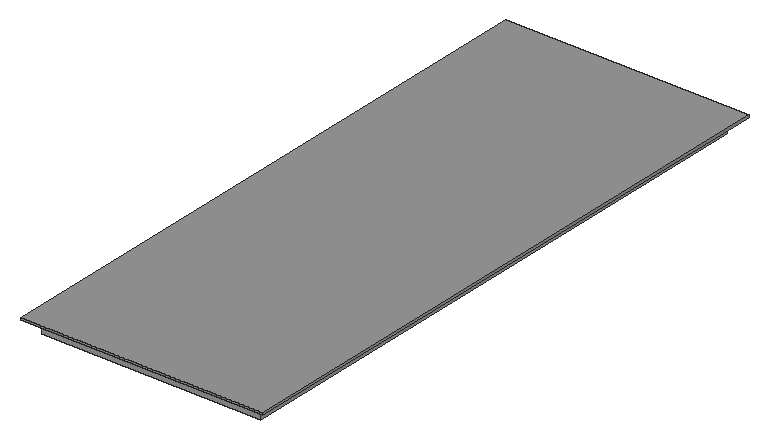
Revit family "UNB_Specchio_Multiproduct_BIM_IT_T3258;T3259;T3278;T3335;T3336;T3337;T3338_NEW", category Plumbing Fixtures, host Face, Revit 2017
Family settings
  Host = Face
  Round Connector Dimension = Use Diameter
  Part Type = Normal
  Cut with Voids When Loaded = No
  Shared = No
  Room Calculation Point = No
Parameters (values of type "T3258 - 400 x 1000 mirror")
  VersioneClassificazioneUni2015 = "IfcFurnitureType"
  Versione = "1"
  ValoreDellaSuperficie = "n/a"
  UnitàVolume = "litro"
  UnitàSuperficie = "millimetro"
  UnitàMonetaria = "€"
  UnitàLineare = "millimetro"
  UnitàDurataGaranzia = "anno"
  UnitàDurata = "anno"
  URL = "http://www.idealstandard.it"
  TipologiaVaso = "Altro"
  TipoEspotazioneIfc = "IfcFurnitureType"
  TipoDiDato = "Fisso"
  Telefono = "800 652 290"
  Spazio = "interno"
  Sostenibilità = "n/a"
  RiferimentoClassificazioneUni2015 = "MIRRORS"
  Riferimento = "T3258"
  Revisione = "1"
  ProfonditàNominale = 26 mm
  Produttore = "info@idealstandard.it"
  PesoNetto = "6.03 Kg"
  PesoLordo = "n/a"
  PartiDiRicambio = "http://www.idealstandard.it"
  NumeroDiModello = "T3258BH"
  NomeOggettoBim = "ISI_IdealStandard_Specchio_T3258"
  Nome = "ISI_IdealStandard_Specchio_T3258"
  ModelloDiRiferimento = "SPECCHIO MID AMBIENT 40X100 52,7W 230W"
  Model = "T3258BH"
  Materiale = "bicchiere"
  Manufacturer = "info@idealstandard.it"
  LunghezzaNominale = 26 mm
  LarghezzaNominale = 400 mm
  InstruzioniInstallazione = "http://www.idealstandard.it"
  InformazioniGaranzia = "info@idealstandard.it"
  InformazioniDiProdotto = "http://www.idealstandard.it"
  InformaziniGaranzia = "info@idealstandard.it"
  IfcEsportaCome = "BATHROOM FURNITURE"
  Grado = "n/a"
  GaranziaInstallazione = "n/a"
  Garanzia = "garanzia del produttore"
  Forma = "rettangolare"
  Finitura = "specchio"
  DurataGaranziaProdotti = "n/a"
  DurataGaranziaLegale = "n/a"
  DurataGaranzia = "n/a"
  DistribuitoDa = "n/a"
  Dimensione = ""
  DescrizioneClassifcazioneUni2015 = "Bathroom furniture"
  Description = "SPECCHIO MID AMBIENT 40X100 52,7W 230W"
  Default Elevation = 1500 mm
  Creato = "Ideal Standard"
  CostoDiSostituzione = 0
  Cost = 0
  Connessione = "piombatura"
  Componenti = "n/a"
  Colore = "specchio"
  CodiceRiferimento = "n/a"
  CodiceDiPrestazione = "EN"
  CodiceArticolo = "n/a"
  CodiceABarre = "8014140447047"
  CicloDiVitaDelProdotto = "n/a"
  Caratteristiche = "SPECCHIO MID AMBIENT 40X100 52,7W 230W"
  Brand = "Ideal Standard"
  Autore = "Ideal Standard"
  AltezzaNominale = 1000 mm
  Aiuto = "info@idealstandard.it"
  Accessori = "http://www.idealstandard.it"
  Accesso = "n/a"
Types (7, lengths in mm): name | Riferimento | PesoNetto | NumeroDiModello | NomeOggettoBim | Nome | ModelloDiRiferimento | Model | LarghezzaNominale | Description | CodiceABarre | Caratteristiche | AltezzaNominale
  T3258 - 400 x 1000 mirror | "T3258" | "6.03 Kg" | "T3258BH" | "ISI_IdealStandard_Specchio_T3258" | "ISI_IdealStandard_Specchio_T3258" | "SPECCHIO MID AMBIENT 40X100 52,7W 230W" | "T3258BH" | 400 | "SPECCHIO MID AMBIENT 40X100 52,7W 230W" | "8014140447047" | "SPECCHIO MID AMBIENT 40X100 52,7W 230W" | 1000
  T3259 - 500 x 700 mirror | "T3259" | "4.95 Kg" | "T3259BH" | "ISI_IdealStandard_Specchio_T3259" | "ISI_IdealStandard_Specchio_T3259" | "SPECCHIO MID AMBIENT 50X70 27,8W 230W" | "T3259BH" | 500 | "SPECCHIO MID AMBIENT 50X70 27,8W 230W" | "8014140447054" | "SPECCHIO MID AMBIENT 50X70 27,8W 230W" | 700
  T3278 - 600 x 700 mirror | "T3278" | "5.67 Kg" | "T3278BH" | "ISI_IdealStandard_Specchio_T3278" | "ISI_IdealStandard_Specchio_T3278" | "SPECCHIO MID AMBIENT 60X70 28,7W 230W" | "T3278BH" | 600 | "SPECCHIO MID AMBIENT 60X70 28,7W 230W" | "8014140447269" | "SPECCHIO MID AMBIENT 60X70 28,7W 230W" | 700
  T3335 - 700 x 700 mirror | "T3335" | "6.66 Kg" | "T3335BH" | "ISI_IdealStandard_Specchio_T3335" | "ISI_IdealStandard_Specchio_T3335" | "SPECCHIO MID AMBIENT 70X70 29,7W 230W" | "T3335BH" | 700 | "SPECCHIO MID AMBIENT 70X70 29,7W 230W" | "8014140447276" | "SPECCHIO MID AMBIENT 70X70 29,7W 230W" | 700
  T3336 - 800 x 700 mirror | "T3336" | "7.02 Kg" | "T3336BH" | "ISI_IdealStandard_Specchio_T3336" | "ISI_IdealStandard_Specchio_T3336" | "SPECCHIO MID AMBIENT 80X70 30,6W 230W" | "T3336BH" | 800 | "SPECCHIO MID AMBIENT 80X70 30,6W 230W" | "8014140447283" | "SPECCHIO MID AMBIENT 80X70 30,6W 230W" | 700
  T3337 - 1000 x 700 mirror | "T3337" | "8.64 Kg" | "T3337BH" | "ISI_IdealStandard_Specchio_T3337" | "ISI_IdealStandard_Specchio_T3337" | "SPECCHIO MID AMBIENT 100X70 54,6W 230W" | "T3337BH" | 1000 | "SPECCHIO MID AMBIENT 100X70 54,6W 230W" | "8014140447290" | "SPECCHIO MID AMBIENT 100X70 54,6W 230W" | 700
  T3338 - 1200 x 700 mirror | "T3338" | "10.04 Kg" | "T3338BH" | "ISI_IdealStandard_Specchio_T3338" | "ISI_IdealStandard_Specchio_T3338" | "SPECCHIO MID AMBIENT 120X70 56,5W 230W" | "T3338BH" | 1200 | "SPECCHIO MID AMBIENT 120X70 56,5W 230W" | "8014140447306" | "SPECCHIO MID AMBIENT 120X70 56,5W 230W" | 700
Reference planes
  plane 1 "Center (Front/Back)": y = 0
  plane 2: z = 0
  plane 3 "Center (Left/Right)": x = 0
  plane 4: x = -200
  plane 5: x = 200
  plane 6: y = 350
  plane 7: y = -650
  plane 8: y = 330
  plane 9: y = -630
  plane 10: x = -180
  plane 11: x = 180
  plane 12: z = 26
  plane 13: z = 22
Forms (mm)
  Extrusion 1, solid, material "Default"
    sketch origin (0, 20.991, -18) x (0, 1, 0) y (-1, 0, 0)
      loop
        line (309.009, 180) -> (-650.991, 180) -> (-650.991, -180) -> (309.009, -180) -> (309.009, 180)
    from 18 to 40
  Extrusion 2, solid, material "ISI_IdealStandard_Mirror_MirrorGlazing_Render"
    sketch origin (-1524, -4572, 22) x (-1, 0, 0) y (0, -1, 0)
      loop
        line (-1324, -4922) -> (-1324, -3922) -> (-1724, -3922) -> (-1724, -4922) -> (-1324, -4922)
    from 0 to 4
Dimensions and locks
  equal spacing: plane 4, plane 3 "Center (Left/Right)", plane 5
  "LarghezzaNominale": plane 4 to plane 5
  plane 6 to plane 1 "Center (Front/Back)" to plane 7 = 350 mm, 650 mm
  "AltezzaNominale": plane 6 to plane 7
  locked: plane 4 to plane 10 at 20
  locked: plane 11 to plane 5 at 20
  locked: plane 6 to plane 8 at 20
  locked: plane 9 to plane 7 at 20
  locked: plane 12 to plane 13 at 4
  "ProfonditàNominale": plane 12 to host face
  aligned and locked: plane 2 to host face
  aligned and locked: level to host face
  aligned and locked: Extrusion 1 sketch curve to plane 8
  aligned and locked: plane 10 to Extrusion 1 sketch curve
  aligned and locked: plane 9 to Extrusion 1 sketch curve
  aligned and locked: Extrusion 1 sketch curve to plane 11
  aligned and locked: Extrusion 2 sketch curve to plane 6
  aligned and locked: plane 4 to Extrusion 2 sketch curve
  aligned and locked: plane 7 to Extrusion 2 sketch curve
  aligned and locked: Extrusion 2 sketch curve to plane 5
  aligned and locked: plane 12 to Extrusion 2
  aligned and locked: plane 13 to Extrusion 2
Automatic sketch dimensions
  host sketch curve to host sketch curve = 2438.4 mm  (x2)
